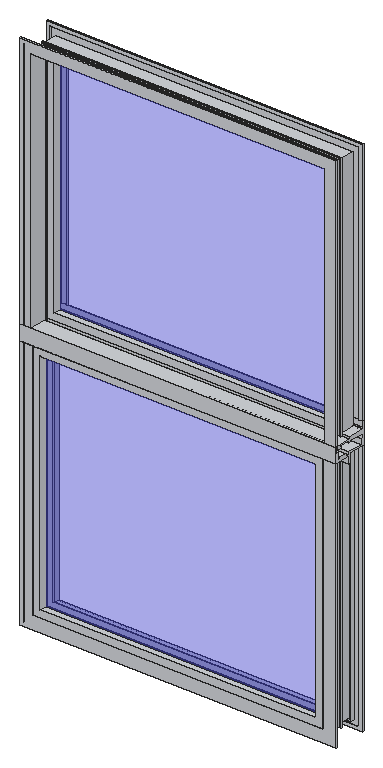
Revit family "1450HR_Fixed Over Fixed", category Windows, host Wall, Revit 2023 (continued)
Automatic sketch dimensions
  Sweep 33 sketch curve to Sweep 33 sketch curve = 0' - 0 5/8"
  profile plane to Sweep 34 sketch curve = 0' - 0"
  Sweep 34 sketch curve to Sweep 34 sketch curve = 0' - 0 1/4"  (x2)
  Sweep 34 sketch curve to Sweep 34 sketch curve = 0' - 0 3/4"
  Sweep 35 sketch curve to profile plane = 0' - 0.049"
  Sweep 35 sketch curve to Sweep 35 sketch curve = 0' - 0 1/4"  (x2)
  Sweep 35 sketch curve to Sweep 35 sketch curve = 0' - 0 3/4"
  Sweep 26 sketch curve to Sweep 26 sketch curve = 3' - 0"
  Sweep 26 sketch curve to Sweep 26 sketch curve = 2' - 5.295"  (x2)
  Sweep 26 sketch curve to profile plane = 0' - 2"
  Sweep 27 sketch curve to Sweep 27 sketch curve = 2' - 3.014"  (x2)
  Sweep 27 sketch curve to profile plane = 0' - 0.022"
  Sweep 28 sketch curve to Sweep 28 sketch curve = 3' - 0"
  Sweep 28 sketch curve to Sweep 28 sketch curve = 2' - 5.044"  (x2)
  profile plane to Sweep 28 sketch curve = 0' - 0.103"
  Sweep 29 sketch curve to Sweep 29 sketch curve = 2' - 3.54524"
  profile plane to Sweep 29 sketch curve = 0' - 1.2"
  Sweep 30 sketch curve to Sweep 30 sketch curve = 3' - 0"
  Sweep 30 sketch curve to Sweep 30 sketch curve = 2' - 5.281"  (x2)
  profile plane to Sweep 30 sketch curve = 0' - 0"
  Sweep 31 sketch curve to Sweep 31 sketch curve = 2' - 4.031"  (x2)
  Sweep 31 sketch curve to profile plane = 0' - 1 7/8"
  Sweep 32 sketch curve to Sweep 32 sketch curve = 3' - 0"
  Sweep 32 sketch curve to Sweep 32 sketch curve = 2' - 4 1/4"  (x2)
  Sweep 32 sketch curve to profile plane = 0' - 2"
  Sweep 33 sketch curve to Sweep 33 sketch curve = 2' - 3.53031"
  Sweep 33 sketch curve to profile plane = 0' - 0.778"
  Sweep 35 sketch curve to Sweep 35 sketch curve = 2' - 3.53031"
  Sweep 35 sketch curve to profile plane = 1' - 4 3/4"
  Sweep 35 sketch curve to Sweep 35 sketch curve = 0' - 0"  (x2)
  profile plane to Sweep 35 sketch curve = 1' - 4 3/4"
  Sweep 25 sketch curve to Sweep 25 sketch curve = 3' - 0"
  Sweep 25 sketch curve to profile plane = 0' - 2"
  Sweep 25 sketch curve to profile plane = 0' - 0.061"
  Sweep 25 sketch curve to profile plane = 0' - 0.04093"
  profile plane to Sweep 25 sketch curve = 0' - 0"
  profile plane to Sweep 25 sketch curve = 0' - 0.08407"
  Sweep 34 sketch curve to Sweep 34 sketch curve = 2' - 3.54524"
  Sweep 34 sketch curve to profile plane = 1' - 4.50124"
  Sweep 34 sketch curve to Sweep 34 sketch curve = 0' - 0"  (x2)
  profile plane to Sweep 34 sketch curve = 1' - 4.50124"
